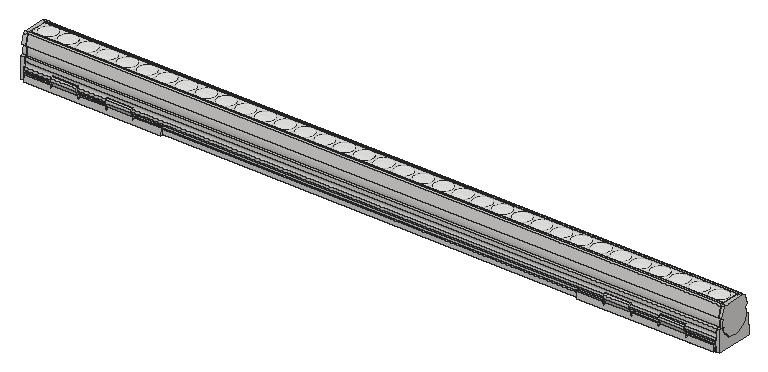
Revit family "Lighting - Luminii - Stenos - Directional Track Module - Array", category Lighting Fixtures, host Face, Revit 2020
Family settings
  Host = Face
  Round Connector Dimension = Use Diameter
  Part Type = Normal
  OmniClass Number = 23.80.70.11.14.21
  OmniClass Title = Spots and Tracklight Specialties
  Cut with Voids When Loaded = No
  Light Source = No
  Shared = Yes
  Room Calculation Point = No
Parameters (values of type "Stenos Directional Module - 12"")
  Width = 0.73047"  # constant formula
  Wattage Comments = if(Constraint = 1, "2.6 W", if(Constraint = 2, "5.4 W", "13.0 W"))  # "13.0 W"
  Warranty URL = "https://www.luminii.com/terms-conditions/"
  Voltage Comments = "120VAC - 277VAC"  # constant formula
  Voltage = 120 V
  Version = "2020 - v1.0a"  # constant formula
  URL = "https://www.luminii.com/"
  Support Phone = "224-699-9545"  # constant formula
  Support Email = "mailto:support@bimsmith.com"
  Product Page URL = "https://www.luminii.com/product/stenos-directional-track-module/"
  Product Name = "Stenos Directional Module"  # constant formula
  Product Documentation Link = "https://www.luminii.com/wp-content/uploads/z_special_catalog_products/products/stenos-directional-track-module/specsheets/Stenos-Directional-Module-specification.pdf"
  Power Source Type = "Driver"  # constant formula
  Power Factor = 1
  Phase = 1
  Operating Temperature = "Consult Manufacturer for more Information"  # constant formula
  Number of Poles = if(and(or(Voltage = 120 V, Voltage = 277 V), Phase = 1), 1, if(and(or(Voltage = 208 V, Voltage = 240 V), Phase = 1), 2, if(and(or(Voltage = 208 V, Voltage = 240 V), Phase = 3), 3, if(and(Voltage > 300 V, Phase = 1), 2, if(and(Voltage > 400 V, Phase = 3), 3, 1)))))  # 1
  Mounting Method = "Surface Mount"  # constant formula
  Model = "SMD-12"
  Manufacturer Phone Number = "224-333-6033"  # constant formula
  Manufacturer Email = "mailto:info@luminii.com"
  Manufacturer Address = "7777 N Merrimac Ave, Niles, IL 60714"  # constant formula
  Manufacturer = "Luminii"  # constant formula
  Lumen Output = if(Constraint = 1, "250 lm", if(Constraint = 2, "520 lm", "1260 lm"))  # "1260 lm"
  Load Classification = Lighting
  Lens Material = Plastic - Luminii - Frosted Lens
  Length Comments [instance] = "Perfomance based on 1\" Photometric Web File"  # constant formula
  Length [instance] = if(Constraint = 1, 2.50", if(Constraint = 2, 4.33984", 11.87109"))  # 11.87109"
  Lamp Life = 1
  Lamp = "LED"  # constant formula
  Keynote = "26 50 00"
  Instruction Sheet Link = "https://www.luminii.com/wp-content/uploads/z_special_catalog_products/products/stenos-directional-track-module/specsheets/Stenos-Directional-Module-specification.pdf"
  Initial Color Comments = "Perfomance based on 3500K Photometric Web File"  # constant formula
  Housing Protection Rating = "IP20 Dry/IP66 Wet Series"  # constant formula
  Has Dimming = 1 = 1  # yes
  Has Battery Backup = 0 = 1  # no
  Frequency Comments = ""  # constant formula
  Frequency = 60 Hz
  Finish = Metal - Luminii - Silver Anodized Aluminum
  Environment = "Indoor"  # constant formula
  Desired Tilt [instance] = 0.00°
  Description = "Track System"  # constant formula
  Depth = 0.71875"  # constant formula
  Default Elevation = 0.00"  # constant formula
  Current Amps = 50 A
  Copyright = "©2023 Luminii"  # constant formula
  built-in parameter 1114216 [instance] = 0  # (empty or 0)
  built-in parameter 1140040 [instance] = 1 = 1  # 1
  CCT = "3000K"
  C Tilt Angle Safe [instance] = if(Desired Tilt < -30.00°, 60.00°, if(Desired Tilt > 30.00°, 120.00°, 90.00° + Desired Tilt))  # 90.00°
  Constraint = 3
  C Tilt Angle [instance] = 90.00° + Actual Tilt  # 90.00°
  C Sin [instance] = 0.28906" - 0.28906" * sin(90.00° - Actual Tilt)  # 0.00"
  C Right Support = if(Constraint = 1, 1 = 0, 1 = 1)  # yes
  C LED Number [instance] = if(Constraint = 1, 7, if(Constraint = 2, 14, 28))  # 28
  C End Caps Width = 0.07031"  # constant formula
  C Cos [instance] = 0.28906" - 0.28906" * cos(90.00° - Actual Tilt)  # 0.28906"
  Assembly Code = "D5020230"
  Apparent Load = 2.6 VA
  Actual Tilt [instance] = if(Desired Tilt < -30.00°, -30.00°, if(Desired Tilt > 30.00°, 30.00°, Desired Tilt))  # 0.00°
Types (3): name | Wattage Comments | Model | Lumen Output | Length | Constraint | C Right Support | C LED Number
  Stenos Directional Module - 3" | "2.6 W" | "SMD-3" | "250 lm" | 2.50" | 1 | no | 7
  Stenos Directional Module - 5" | "5.4 W" | "SMD-5" | "520 lm" | 4.33984" | 2 | yes | 14
  Stenos Directional Module - 12" | "13.0 W" | "SMD-12" | "1260 lm" | 11.87109" | 3 | yes | 28
Reference planes (in)
  plane 1 "Center (Front/Back)": y = 0
  plane 2: z = 0
  plane 3 "Center (Left/Right)": x = 0
  plane 4: x = -5.93555
  plane 5: x = 5.93555
  plane 6: y = 0.36523
  plane 7: y = -0.36523
  plane 8: z = 0.72
  plane 9: x = -5.86523
  plane 10: x = 5.86523
  plane 11: x = 5.9257
  plane 12: x = -5.9257
  plane 13: z = 0.43079
  plane 14: y = -0.00014
  plane 15: z = 0.72
  plane 16: y = -0.28921
Forms (in)
  Extrusion 1, solid, material "Metal - Luminii - Silver Anodized Aluminum", not visible
    sketch origin (0, 0, 0) x (1, 0, 0) y (0, 1, 0)
      loop
        circle (0, 0) r 0.5
    from 0 to -0.17225
  Sweep 2, solid, material "Metal - Luminii - Silver Anodized Aluminum" <- "Finish"
    path origin (0, 0, 0) x (1, 0, 0) y (0, 1, 0)
      loop
        line (-5.86523, 0) -> (5.86523, 0)
    profile origin (0, 0, 0) x (0, 1, 0) y (0, 0, 1)
      loop
        line (0.30701, 0.04724) -> (0.30428, 0.12179) -> (0.2695, 0.12179) -> (0.2695, 0.16124) -> (0.3004, 0.20315) -> (0.3004, 0.24835)
        arc (0.3004, 0.24835) -> (0.2826, 0.28303) -> (0.29705, 0.31923) r 0.04706
        line (0.29705, 0.31923) -> (0.2944, 0.39173) -> (0.24646, 0.39173)
        arc (0.24646, 0.39173) -> (0, 0.18368) -> (-0.24646, 0.39173) r 0.25
        line (-0.24646, 0.39173) -> (-0.2944, 0.39173) -> (-0.29705, 0.31923)
        arc (-0.29705, 0.31923) -> (-0.2826, 0.28303) -> (-0.3004, 0.24835) r 0.04706
        line (-0.3004, 0.24835) -> (-0.3004, 0.20315) -> (-0.2695, 0.16124) -> (-0.2695, 0.12179) -> (-0.30428, 0.12179) -> (-0.30701, 0.04724) -> (0.30701, 0.04724)
  Sweep 3, solid, material "Metal - Luminii - Silver Anodized Aluminum" <- "Finish"
    path origin (0, 0, 0) x (1, 0, 0) y (0, 1, 0)
      loop
        line (-5.86523, 0) -> (-5.9257, 0)
    profile origin (-5.89547, 0, 0) x (0, -1, 0) y (0, 0, 1)
      loop
        line (0.2944, 0.39173) -> (0.24646, 0.39173)
        arc (0.24646, 0.39173) -> (0, 0.18368) -> (-0.24646, 0.39173) r 0.25
        line (-0.24646, 0.39173) -> (-0.2944, 0.39173) -> (-0.30701, 0.04724) -> (0.30701, 0.04724) -> (0.2944, 0.39173)
  Sweep 4, solid, material "Metal - Luminii - Silver Anodized Aluminum" <- "Finish"
    path origin (0, 0, 0) x (-1, 0, 0) y (0, 1, 0)
      loop
        line (-5.86523, 0) -> (-5.9257, 0)
    profile origin (5.89547, 0, 0) x (0, 1, 0) y (0, 0, 1)
      loop
        line (0.30701, 0.04724) -> (0.2944, 0.39173) -> (0.24646, 0.39173)
        arc (0.24646, 0.39173) -> (0, 0.18368) -> (-0.24646, 0.39173) r 0.25
        line (-0.24646, 0.39173) -> (-0.2944, 0.39173) -> (-0.30701, 0.04724) -> (0.30701, 0.04724)
Lines and regions (in)
  reference lines
    curve 1: line (-0.37509, 0, 0.43079) -> (-0.37509, 0.2361, 0.43079)
    curve 2: line (0, -0.00014, 0.72) -> (0, -1.22783, 0.72)
    curve 3: line (0, -0.00014, 0.72) -> (0, -0.00014, 0.85178)
Dimensions and locks (in)
  equal spacing: plane 4, plane 3 "Center (Left/Right)", plane 5
  equal spacing: plane 6, plane 1 "Center (Front/Back)", plane 7
  "Length": plane 4 to plane 5
  "Width": plane 6 to plane 7
  "C End Caps Width": plane 10 to plane 5
  "C End Caps Width": plane 4 to plane 9
  nested 1 to plane 5 = 0.08953"
  locked: plane 5 to plane 11 at 0.00984
  locked: plane 12 to plane 4 at 0.00984
  locked: plane 5 to nested 1 at 0.08953
  locked: nested 2 to plane 4 at 0.08953
  locked: plane 13 to host face at 0.43079
  "C Cos": plane 14 to plane 16
  "C Sin": plane 8 to plane 15
  Sweep 3 to Sweep 3 to host face = 0.34449" locked, 0.04724" locked
  locked: Sweep 2 to level at 0.04724  (x2)
  locked: Sweep 3 to level at 0.04724  (x2)
  locked: Sweep 4 to level at 0.04724  (x2)
  equal spacing: group 1, group 3, group 4, group 5, group 6, group 7, group 8, group 9, group 10, group 11, group 12, group 13, group 14, group 15, group 16, group 17, group 18, group 19, group 20, group 21, group 22, group 23, group 24, group 25, group 26, group 27, group 28, group 2  (x3)
  "C Tilt Angle Safe": angle curve 1 to plane 1 "Center (Front/Back)"
  "C Tilt Angle": angle curve 2 to plane 14
  locked: curve 2 to curve 3 (angle 90.00°)
  aligned and locked: plane 2 to host face
  aligned and locked: plane 3 "Center (Left/Right)" to Extrusion 1 sketch curve
  aligned and locked: plane 1 "Center (Front/Back)" to Extrusion 1 sketch curve
  aligned and locked: plane 2 to Extrusion 1  (x2)
  aligned and locked: plane 9 to Sweep 2 sketch curve
  aligned and locked: plane 1 "Center (Front/Back)" to Sweep 2 sketch curve
  aligned and locked: plane 10 to Sweep 2 sketch curve
  aligned and locked: Sweep 3 sketch curve to plane 1 "Center (Front/Back)"
  aligned and locked: plane 9 to Sweep 3 sketch curve
  aligned and locked: plane 10 to Sweep 4 sketch curve
  aligned and locked: plane 1 "Center (Front/Back)" to Sweep 4 sketch curve
  aligned and locked: nested 1 to plane 1 "Center (Front/Back)"
  aligned and locked: plane 12 to Sweep 3 sketch curve
  aligned and locked: plane 11 to Sweep 4 sketch curve
  aligned and locked: plane 13 to curve 1
  aligned and locked: plane 5 to nested 3
  aligned and locked: plane 14 to curve 2
  aligned and locked: plane 15 to curve 2
  aligned and locked: plane 4 to nested 4
  aligned and locked: Sweep 2 sketch curve to level
  aligned and locked: level to Sweep 3 sketch curve
  aligned and locked: Sweep 4 sketch curve to level
  aligned and locked: nested 4 to curve 3
  aligned and locked: nested 5 to plane 11
  aligned and locked: nested 5 to curve 3
Automatic sketch dimensions
  host sketch curve to host sketch curve = 96.00"  (x2)
  profile plane to Sweep 4 sketch curve = 0.2944"
  level to Sweep 4 sketch curve = 0.04724"
  profile plane to Sweep 4 sketch curve = 0.30701"
  Sweep 4 sketch curve to profile plane = 0.2944"
  Sweep 4 sketch curve to profile plane = 0.30701"
  Sweep 4 sketch curve to Sweep 4 sketch curve = 0.34449"
  Sweep 4 sketch curve to Sweep 4 sketch curve = 0.04794"  (x2)
  Sweep 4 sketch curve to profile plane = 0.00"
  Sweep 4 sketch curve to Sweep 4 sketch curve = 0.04195"
  Sweep 3 sketch curve to profile plane = 0.00"
  profile plane to Sweep 3 sketch curve = 0.24646"
  Sweep 3 sketch curve to Sweep 3 sketch curve = 0.04794"  (x2)
  level to Sweep 3 sketch curve = 0.04724"
  profile plane to Sweep 3 sketch curve = 0.30701"
  Sweep 3 sketch curve to profile plane = 0.24646"
  Sweep 3 sketch curve to profile plane = 0.30701"
  Sweep 3 sketch curve to Sweep 3 sketch curve = 0.34449"
  Sweep 3 sketch curve to Sweep 3 sketch curve = 0.04195"
  Sweep 2 sketch curve to profile plane = 0.00"
  profile plane to Sweep 2 sketch curve = 0.24646"
  Sweep 2 sketch curve to Sweep 2 sketch curve = 0.02304"
  Sweep 2 sketch curve to Sweep 2 sketch curve = 0.04794"  (x2)
  Sweep 2 sketch curve to Sweep 2 sketch curve = 0.00265"  (x2)
  Sweep 2 sketch curve to Sweep 2 sketch curve = 0.0309"  (x2)
  Sweep 2 sketch curve to Sweep 2 sketch curve = 0.03478"  (x2)
  level to Sweep 2 sketch curve = 0.04724"
  Sweep 2 sketch curve to Sweep 2 sketch curve = 0.00273"  (x2)
  Sweep 2 sketch curve to Sweep 2 sketch curve = 0.0292"
  Sweep 2 sketch curve to profile plane = 0.24646"
  level to Sweep 2 sketch curve = 0.12179"
  Sweep 2 sketch curve to profile plane = 0.2695"
  Sweep 2 sketch curve to Sweep 2 sketch curve = 0.03255"
  Sweep 2 sketch curve to Sweep 2 sketch curve = 0.07454"
  Sweep 2 sketch curve to Sweep 2 sketch curve = 0.03946"  (x2)
  Sweep 2 sketch curve to Sweep 2 sketch curve = 0.04191"  (x2)
  Sweep 2 sketch curve to Sweep 2 sketch curve = 0.0452"  (x2)
  Sweep 2 sketch curve to Sweep 2 sketch curve = 0.0369"  (x2)
  Sweep 2 sketch curve to Sweep 2 sketch curve = 0.0725"
  Sweep 2 sketch curve to Sweep 2 sketch curve = 0.04195"
  curve 1 to plane 1 "Center (Front/Back)" = 0.00"
  radius of Extrusion 1 sketch curve = 0.50"
Nested families (in)
  nested 1: "Nested - Clip" at (3.52318, 0, 0) x (0, -1, 0) z (0, 0, 1), visible <- "C Right Support", type "Default"
  nested 2: "Nested - Clip" at (-3.52318, 0, 0) x (0, -1, 0) z (0, 0, 1), type "Default"
  nested 3: "Nested - Lamp" at (-5.93555, 0, 0.43079) x (0, -1, 0) z (0, 0, -1), type "Default"
  nested 4: "Lighting - Luminii - Stenos - Directional Track Module - Nested Light Source" at (-5.78711, -0.00014, 0.72), type "Default"
    with Length Comments "Perfomance based on 1\" Photometric Web File", Length 0.29688", built-in parameter 1114216 (empty or 0), built-in parameter 1140040 1, C Tilt Angle Safe 90.00°, C Sin 0.00", C Cos 0.28906"
  nested 5: "Lighting - Luminii - Stenos - Directional Track Module - Nested Light Source" at (5.77727, -0.00014, 0.72), type "Default"
    with Length Comments "Perfomance based on 1\" Photometric Web File", Length 0.29688", built-in parameter 1114216 (empty or 0), built-in parameter 1140040 1, C Tilt Angle Safe 90.00°, C Sin 0.00", C Cos 0.28906"
  nested 6: "Lighting - Luminii - Stenos - Directional Track Module - Nested Light Source" at (-5.3588, -0.00014, 0.72), type "Default"
    with Length Comments "Perfomance based on 1\" Photometric Web File", Length 0.29688", built-in parameter 1114216 (empty or 0), built-in parameter 1140040 1, C Tilt Angle Safe 90.00°, C Sin 0.00", C Cos 0.28906"
  nested 7: "Lighting - Luminii - Stenos - Directional Track Module - Nested Light Source" at (-4.93049, -0.00014, 0.72), type "Default"
    with Length Comments "Perfomance based on 1\" Photometric Web File", Length 0.29688", built-in parameter 1114216 (empty or 0), built-in parameter 1140040 1, C Tilt Angle Safe 90.00°, C Sin 0.00", C Cos 0.28906"
  nested 8: "Lighting - Luminii - Stenos - Directional Track Module - Nested Light Source" at (-4.50218, -0.00014, 0.72), type "Default"
    with Length Comments "Perfomance based on 1\" Photometric Web File", Length 0.29688", built-in parameter 1114216 (empty or 0), built-in parameter 1140040 1, C Tilt Angle Safe 90.00°, C Sin 0.00", C Cos 0.28906"
  nested 9: "Lighting - Luminii - Stenos - Directional Track Module - Nested Light Source" at (-4.07387, -0.00014, 0.72), type "Default"
    with Length Comments "Perfomance based on 1\" Photometric Web File", Length 0.29688", built-in parameter 1114216 (empty or 0), built-in parameter 1140040 1, C Tilt Angle Safe 90.00°, C Sin 0.00", C Cos 0.28906"
  nested 10: "Lighting - Luminii - Stenos - Directional Track Module - Nested Light Source" at (-3.64556, -0.00014, 0.72), type "Default"
    with Length Comments "Perfomance based on 1\" Photometric Web File", Length 0.29688", built-in parameter 1114216 (empty or 0), built-in parameter 1140040 1, C Tilt Angle Safe 90.00°, C Sin 0.00", C Cos 0.28906"
  nested 11: "Lighting - Luminii - Stenos - Directional Track Module - Nested Light Source" at (-3.21725, -0.00014, 0.72), type "Default"
    with Length Comments "Perfomance based on 1\" Photometric Web File", Length 0.29688", built-in parameter 1114216 (empty or 0), built-in parameter 1140040 1, C Tilt Angle Safe 90.00°, C Sin 0.00", C Cos 0.28906"
  nested 12: "Lighting - Luminii - Stenos - Directional Track Module - Nested Light Source" at (-2.78894, -0.00014, 0.72), type "Default"
    with Length Comments "Perfomance based on 1\" Photometric Web File", Length 0.29688", built-in parameter 1114216 (empty or 0), built-in parameter 1140040 1, C Tilt Angle Safe 90.00°, C Sin 0.00", C Cos 0.28906"
  nested 13: "Lighting - Luminii - Stenos - Directional Track Module - Nested Light Source" at (-2.36063, -0.00014, 0.72), type "Default"
    with Length Comments "Perfomance based on 1\" Photometric Web File", Length 0.29688", built-in parameter 1114216 (empty or 0), built-in parameter 1140040 1, C Tilt Angle Safe 90.00°, C Sin 0.00", C Cos 0.28906"
  nested 14: "Lighting - Luminii - Stenos - Directional Track Module - Nested Light Source" at (-1.93232, -0.00014, 0.72), type "Default"
    with Length Comments "Perfomance based on 1\" Photometric Web File", Length 0.29688", built-in parameter 1114216 (empty or 0), built-in parameter 1140040 1, C Tilt Angle Safe 90.00°, C Sin 0.00", C Cos 0.28906"
  nested 15: "Lighting - Luminii - Stenos - Directional Track Module - Nested Light Source" at (-1.50401, -0.00014, 0.72), type "Default"
    with Length Comments "Perfomance based on 1\" Photometric Web File", Length 0.29688", built-in parameter 1114216 (empty or 0), built-in parameter 1140040 1, C Tilt Angle Safe 90.00°, C Sin 0.00", C Cos 0.28906"
  nested 16: "Lighting - Luminii - Stenos - Directional Track Module - Nested Light Source" at (-1.0757, -0.00014, 0.72), type "Default"
    with Length Comments "Perfomance based on 1\" Photometric Web File", Length 0.29688", built-in parameter 1114216 (empty or 0), built-in parameter 1140040 1, C Tilt Angle Safe 90.00°, C Sin 0.00", C Cos 0.28906"
  nested 17: "Lighting - Luminii - Stenos - Directional Track Module - Nested Light Source" at (-0.64739, -0.00014, 0.72), type "Default"
    with Length Comments "Perfomance based on 1\" Photometric Web File", Length 0.29688", built-in parameter 1114216 (empty or 0), built-in parameter 1140040 1, C Tilt Angle Safe 90.00°, C Sin 0.00", C Cos 0.28906"
  nested 18: "Lighting - Luminii - Stenos - Directional Track Module - Nested Light Source" at (-0.21908, -0.00014, 0.72), type "Default"
    with Length Comments "Perfomance based on 1\" Photometric Web File", Length 0.29688", built-in parameter 1114216 (empty or 0), built-in parameter 1140040 1, C Tilt Angle Safe 90.00°, C Sin 0.00", C Cos 0.28906"
  nested 19: "Lighting - Luminii - Stenos - Directional Track Module - Nested Light Source" at (0.20923, -0.00014, 0.72), type "Default"
    with Length Comments "Perfomance based on 1\" Photometric Web File", Length 0.29688", built-in parameter 1114216 (empty or 0), built-in parameter 1140040 1, C Tilt Angle Safe 90.00°, C Sin 0.00", C Cos 0.28906"
  nested 20: "Lighting - Luminii - Stenos - Directional Track Module - Nested Light Source" at (0.63754, -0.00014, 0.72), type "Default"
    with Length Comments "Perfomance based on 1\" Photometric Web File", Length 0.29688", built-in parameter 1114216 (empty or 0), built-in parameter 1140040 1, C Tilt Angle Safe 90.00°, C Sin 0.00", C Cos 0.28906"
  nested 21: "Lighting - Luminii - Stenos - Directional Track Module - Nested Light Source" at (1.06585, -0.00014, 0.72), type "Default"
    with Length Comments "Perfomance based on 1\" Photometric Web File", Length 0.29688", built-in parameter 1114216 (empty or 0), built-in parameter 1140040 1, C Tilt Angle Safe 90.00°, C Sin 0.00", C Cos 0.28906"
  nested 22: "Lighting - Luminii - Stenos - Directional Track Module - Nested Light Source" at (1.49416, -0.00014, 0.72), type "Default"
    with Length Comments "Perfomance based on 1\" Photometric Web File", Length 0.29688", built-in parameter 1114216 (empty or 0), built-in parameter 1140040 1, C Tilt Angle Safe 90.00°, C Sin 0.00", C Cos 0.28906"
  nested 23: "Lighting - Luminii - Stenos - Directional Track Module - Nested Light Source" at (1.92247, -0.00014, 0.72), type "Default"
    with Length Comments "Perfomance based on 1\" Photometric Web File", Length 0.29688", built-in parameter 1114216 (empty or 0), built-in parameter 1140040 1, C Tilt Angle Safe 90.00°, C Sin 0.00", C Cos 0.28906"
  nested 24: "Lighting - Luminii - Stenos - Directional Track Module - Nested Light Source" at (2.35079, -0.00014, 0.72), type "Default"
    with Length Comments "Perfomance based on 1\" Photometric Web File", Length 0.29688", built-in parameter 1114216 (empty or 0), built-in parameter 1140040 1, C Tilt Angle Safe 90.00°, C Sin 0.00", C Cos 0.28906"
  nested 25: "Lighting - Luminii - Stenos - Directional Track Module - Nested Light Source" at (2.7791, -0.00014, 0.72), type "Default"
    with Length Comments "Perfomance based on 1\" Photometric Web File", Length 0.29688", built-in parameter 1114216 (empty or 0), built-in parameter 1140040 1, C Tilt Angle Safe 90.00°, C Sin 0.00", C Cos 0.28906"
  nested 26: "Lighting - Luminii - Stenos - Directional Track Module - Nested Light Source" at (3.20741, -0.00014, 0.72), type "Default"
    with Length Comments "Perfomance based on 1\" Photometric Web File", Length 0.29688", built-in parameter 1114216 (empty or 0), built-in parameter 1140040 1, C Tilt Angle Safe 90.00°, C Sin 0.00", C Cos 0.28906"
  nested 27: "Lighting - Luminii - Stenos - Directional Track Module - Nested Light Source" at (3.63572, -0.00014, 0.72), type "Default"
    with Length Comments "Perfomance based on 1\" Photometric Web File", Length 0.29688", built-in parameter 1114216 (empty or 0), built-in parameter 1140040 1, C Tilt Angle Safe 90.00°, C Sin 0.00", C Cos 0.28906"
  nested 28: "Lighting - Luminii - Stenos - Directional Track Module - Nested Light Source" at (4.06403, -0.00014, 0.72), type "Default"
    with Length Comments "Perfomance based on 1\" Photometric Web File", Length 0.29688", built-in parameter 1114216 (empty or 0), built-in parameter 1140040 1, C Tilt Angle Safe 90.00°, C Sin 0.00", C Cos 0.28906"
  nested 29: "Lighting - Luminii - Stenos - Directional Track Module - Nested Light Source" at (4.49234, -0.00014, 0.72), type "Default"
    with Length Comments "Perfomance based on 1\" Photometric Web File", Length 0.29688", built-in parameter 1114216 (empty or 0), built-in parameter 1140040 1, C Tilt Angle Safe 90.00°, C Sin 0.00", C Cos 0.28906"
  nested 30: "Lighting - Luminii - Stenos - Directional Track Module - Nested Light Source" at (4.92065, -0.00014, 0.72), type "Default"
    with Length Comments "Perfomance based on 1\" Photometric Web File", Length 0.29688", built-in parameter 1114216 (empty or 0), built-in parameter 1140040 1, C Tilt Angle Safe 90.00°, C Sin 0.00", C Cos 0.28906"
  nested 31: "Lighting - Luminii - Stenos - Directional Track Module - Nested Light Source" at (5.34896, -0.00014, 0.72), type "Default"
    with Length Comments "Perfomance based on 1\" Photometric Web File", Length 0.29688", built-in parameter 1114216 (empty or 0), built-in parameter 1140040 1, C Tilt Angle Safe 90.00°, C Sin 0.00", C Cos 0.28906"
Connectors (in)
  electrical at (0, 0, 0), driven by "Number of Poles", driven by "Load Classification", driven by "Voltage", driven by "Apparent Load", driven by "Power Factor"
    settings: on Extrusion 1, index 1, voltage 120 V, apparent load 2.6 VA, apparent load phase1 0 VA, apparent load phase2 0 VA, apparent load phase3 0 VA, power factor 1, load classification "Lighting", number of poles 1, system type 30, power factor state 1, is connector primary yes, connector utility no, sub classification motor no, connector description "Power Connection"
Definition of nested family "Nested - Clip"
  Parameters
    Finish = none
    Default Elevation = 0.00"
  Reference planes (in)
    plane 1 "Center (Front/Back)": y = 0
    plane 2: z = 0
    plane 3 "Center (Left/Right)": x = 0
  Forms (in)
    Extrusion 1, void
      sketch origin (0, 0, 0) x (0, 1, 0) y (0, 0, 1)
        loop
          line (0, 0.0374) -> (0, 0.16908) -> (-0.44488, 0.16908) -> (-0.44488, 0.12355)
          arc (-0.44488, 0.12355) -> (-0.46457, 0.10387) -> (-0.48425, 0.12355) r 0.01969
          line (-0.48425, 0.12355) -> (-0.48425, 0.28999) -> (-0.90945, 0.28999) -> (-0.90945, 0.12355)
          arc (-0.90945, 0.12355) -> (-0.92913, 0.10387) -> (-0.94882, 0.12355) r 0.01969
          line (-0.94882, 0.12355) -> (-0.94882, 0.16908) -> (-1.37402, 0.16908) -> (-1.37402, 0.12355)
          arc (-1.37402, 0.12355) -> (-1.3937, 0.10387) -> (-1.41339, 0.12355) r 0.01969
          line (-1.41339, 0.12355) -> (-1.41339, 0.28999) -> (-1.83858, 0.28999) -> (-1.83858, 0.12355)
          arc (-1.83858, 0.12355) -> (-1.85827, 0.10387) -> (-1.87795, 0.12355) r 0.01969
          line (-1.87795, 0.12355) -> (-1.87795, 0.16908) -> (-2.32283, 0.16908) -> (-2.32283, 0.0374) -> (0, 0.0374)
        loop
          line (0.17766, 0.5916) -> (-2.4694, 0.5916) -> (-2.4694, -0.1584) -> (0.17766, -0.1584) -> (0.17766, 0.5916)
      from -0.94477 to 0.67551
    Extrusion 2, solid, material <- "Finish"
      sketch origin (0, 0, 0) x (1, 0, 0) y (0, 0, 1)
        loop
          line (-0.30328, 0.30445) -> (-0.33166, 0.28999) -> (-0.355, 0.26665)
          arc (-0.355, 0.26665) -> (-0.36382, 0.24389) -> (-0.36167, 0.21958) r 0.05378
          line (-0.36167, 0.21958) -> (-0.31806, 0.14404) -> (-0.32552, 0.0374) -> (0.32552, 0.0374) -> (0.31806, 0.14404) -> (0.36167, 0.21958)
          arc (0.36167, 0.21958) -> (0.36382, 0.24389) -> (0.355, 0.26665) r 0.05378
          line (0.355, 0.26665) -> (0.33166, 0.28999) -> (0.30328, 0.30445) -> (0.34804, 0.2597)
          arc (0.34804, 0.2597) -> (0.35449, 0.2387) -> (0.34906, 0.21741) r 0.04062
          line (0.34906, 0.21741) -> (0.30803, 0.14636) -> (0.31496, 0.04724) -> (-0.31496, 0.04724) -> (-0.30803, 0.14636) -> (-0.34906, 0.21741)
          arc (-0.34906, 0.21741) -> (-0.35449, 0.2387) -> (-0.34804, 0.2597) r 0.04062
          line (-0.34804, 0.2597) -> (-0.30328, 0.30445)
      from 0 to 2.32283
    Extrusion 3, solid, material <- "Finish"
      sketch origin (-0.31945, 0, 0.0374) x (0, -1, 0) y (-1, 0, 0)
        loop
          line (1.90977, -0.54614) -> (1.90977, -0.09275) -> (1.73196, -0.09275) -> (1.73196, -0.54614) -> (1.90977, -0.54614)
      from 0 to 0.0374
    Extrusion 4, solid, material <- "Finish"
      sketch origin (-0.31945, 0, 0.0374) x (0, -1, 0) y (-1, 0, 0)
        loop
          circle (1.82087, -0.31945) r 0.03176
        loop
          circle (1.82087, -0.46648) r 0.03176
      from 0.10161 to 0.0374
  Cuts and joins
    Extrusion 1 cuts Extrusion 2
  Dimensions and locks (in)
    aligned and locked: plane 2 to level
Definition of nested family "Nested - Lamp"
  Parameters (values of type "Default")
    Number of Lenses = if(Constraint = 1, 7, if(Constraint = 2, 14, 35))  # 35
    Length = if(Constraint = 1, 2.50", if(Constraint = 2, 4.33984", 11.87109"))  # 11.87109"
    Finish = none
    Default Elevation = 48.00"
    Cover Material = none
    Constraint = 3
    Bulb Material = none
  Reference planes (in)
    plane 1 "Center (Front/Back)": y = 0
    plane 2: z = 0
    plane 3 "Center (Left/Right)": x = 0
    plane 4: y = -11.87109
    plane 5: y = -0.24787
    plane 6: y = -11.62323
    plane 7 "A": z = -0.27828
    plane 8: y = -11.81109
    plane 9: y = -0.06
  Forms (in)
    Extrusion 1, solid
      sketch origin (0, 0, 0) x (1, 0, 0) y (0, 1, 0)
        loop
          line (-48, 48) -> (-48, -48) -> (48, -48) -> (48, 48) -> (-48, 48)
      from 0 to -12
    Extrusion 2, solid, material <- "Finish"
      sketch origin (0, 0, 0) x (1, 0, 0) y (0, 0, 1)
        loop
          arc (0.22191, -0.08911) -> (0, 0.23913) -> (-0.22191, -0.08911) r 0.23913
          line (-0.22191, -0.08911) -> (-0.2612, -0.11561) -> (-0.21237, -0.2695)
          arc (-0.21237, -0.2695) -> (-0.20307, -0.28246) -> (-0.1879, -0.28741) r 0.02567
          line (-0.1879, -0.28741) -> (-0.15716, -0.28741) -> (-0.15716, -0.18024) -> (0, -0.18024) -> (0.15716, -0.18024) -> (0.15716, -0.28741) -> (0.1879, -0.28741)
          arc (0.1879, -0.28741) -> (0.20307, -0.28246) -> (0.21237, -0.2695) r 0.02567
          line (0.21237, -0.2695) -> (0.2612, -0.11561) -> (0.22191, -0.08911)
      from 0.06 to 11.81109
    Extrusion 3, solid, material <- "Cover Material"
      sketch origin (0, 0, 0) x (1, 0, 0) y (0, 1, 0)
        loop
          line (-0.15716, -0.06) -> (-0.15716, -11.81109) -> (0.15716, -11.81109) -> (0.15716, -0.06) -> (-0.15716, -0.06)
      from -0.27828 to -0.28546
    Extrusion 4, solid, material <- "Finish"
      sketch origin (0, -4.88378, 0) x (1, 0, 0) y (0, 0, -1)
        loop
          line (0.22191, 0.08911) -> (0.2612, 0.11561) -> (0.21237, 0.2695)
          arc (0.21237, 0.2695) -> (0.20307, 0.28246) -> (0.1879, 0.28741) r 0.02567
          line (0.1879, 0.28741) -> (-0.1879, 0.28741)
          arc (-0.1879, 0.28741) -> (-0.20307, 0.28246) -> (-0.21237, 0.2695) r 0.02567
          line (-0.21237, 0.2695) -> (-0.2612, 0.11561) -> (-0.22191, 0.08911)
          arc (-0.22191, 0.08911) -> (0, -0.23913) -> (0.22191, 0.08911) r 0.23913
      from -6.98731 to -6.92731
    Extrusion 5, solid, material <- "Finish"
      sketch origin (0, -2.44189, 0) x (1, 0, 0) y (0, 0, -1)
        loop
          line (0.22191, 0.08911) -> (0.2612, 0.11561) -> (0.21237, 0.2695)
          arc (0.21237, 0.2695) -> (0.20307, 0.28246) -> (0.1879, 0.28741) r 0.02567
          line (0.1879, 0.28741) -> (-0.1879, 0.28741)
          arc (-0.1879, 0.28741) -> (-0.20307, 0.28246) -> (-0.21237, 0.2695) r 0.02567
          line (-0.21237, 0.2695) -> (-0.2612, 0.11561) -> (-0.22191, 0.08911)
          arc (-0.22191, 0.08911) -> (0, -0.23913) -> (0.22191, 0.08911) r 0.23913
      from 2.38189 to 2.44189
  Dimensions and locks (in)
    equal spacing: group 1, group 3, group 4, group 5, group 6, group 7, group 8, group 9, group 10, group 11, group 12, group 13, group 14, group 15, group 16, group 17, group 18, group 19, group 20, group 21, group 22, group 23, group 24, group 25, group 26, group 27, group 28, group 29, group 30, group 31, group 32, group 33, group 34, group 35, group 2  (x2)
    equal spacing: group 2, group 35, group 34, group 33, group 32, group 31, group 30, group 29, group 28, group 27, group 26, group 25, group 24, group 23, group 22, group 21, group 20, group 19, group 18, group 17, group 16, group 15, group 14, group 13, group 12, group 11, group 10, group 9, group 8, group 7, group 6, group 5, group 4, group 3, group 1
    plane 6 to plane 8 to plane 4 = 0.18787" locked, 0.06" locked
    plane 5 to plane 9 to plane 1 "Center (Front/Back)" = 0.18787" locked, 0.06" locked
    "Length": plane 4 to plane 1 "Center (Front/Back)"
    aligned and locked: plane 2 to Extrusion 1
    aligned and locked: level to Extrusion 1
    aligned and locked: nested 1 to plane 5
    aligned and locked: plane 3 "Center (Left/Right)" to nested 1
    aligned and locked: plane 6 to nested 2
    aligned and locked: plane 9 to Extrusion 3
    aligned and locked: Extrusion 3 to plane 8
    aligned and locked: Extrusion 2 to Extrusion 3  (x2)
    aligned and locked: Extrusion 4 to plane 4
    aligned and locked: Extrusion 4 to Extrusion 2
    aligned and locked: Extrusion 5 to plane 1 "Center (Front/Back)"
    aligned and locked: Extrusion 5 to Extrusion 2
  Automatic sketch dimensions
    Extrusion 1 sketch curve to Extrusion 1 sketch curve = 96.00"  (x2)
    Extrusion 2 sketch curve to plane 3 "Center (Left/Right)" = 0.00"  (x2)
    Extrusion 2 sketch curve to level = 0.00"
    Extrusion 2 sketch curve to plane 7 "A" = 0.00913"  (x2)
    Extrusion 2 sketch curve to plane 3 "Center (Left/Right)" = 0.15716"
    plane 7 "A" to Extrusion 2 sketch curve = 0.01654"
    Extrusion 2 sketch curve to Extrusion 2 sketch curve = 0.03074"  (x2)
    plane 7 "A" to Extrusion 2 sketch curve = 0.00877"  (x2)
    Extrusion 2 sketch curve to level = 0.11561"  (x2)
    Extrusion 2 sketch curve to Extrusion 2 sketch curve = 0.10403"
    plane 3 "Center (Left/Right)" to Extrusion 2 sketch curve = 0.15716"
    Extrusion 2 sketch curve to Extrusion 2 sketch curve = 0.02447"
    Extrusion 2 sketch curve to level = 0.08911"  (x2)
    Extrusion 2 sketch curve to Extrusion 2 sketch curve = 0.06475"
    Extrusion 2 sketch curve to Extrusion 2 sketch curve = 0.03928"
    plane 7 "A" to Extrusion 2 sketch curve = 0.09804"
    Extrusion 2 sketch curve to Extrusion 2 sketch curve = 0.00"  (x2)
    Extrusion 3 sketch curve to plane 9 = 0.00"
    Extrusion 3 sketch curve to plane 8 = 0.00"
    Extrusion 3 sketch curve to plane 3 "Center (Left/Right)" = 0.15716"
    plane 3 "Center (Left/Right)" to Extrusion 3 sketch curve = 0.15716"
    Extrusion 4 sketch curve to level = 0.00"
    Extrusion 4 sketch curve to plane 3 "Center (Left/Right)" = 0.00"
    Extrusion 4 sketch curve to plane 7 "A" = 0.00913"
    Extrusion 4 sketch curve to plane 3 "Center (Left/Right)" = 0.1879"
    plane 7 "A" to Extrusion 4 sketch curve = 0.00877"  (x2)
    Extrusion 4 sketch curve to Extrusion 4 sketch curve = 0.02447"  (x2)
    Extrusion 4 sketch curve to level = 0.11561"  (x2)
    Extrusion 4 sketch curve to Extrusion 4 sketch curve = 0.04882"
    plane 3 "Center (Left/Right)" to Extrusion 4 sketch curve = 0.1879"
    Extrusion 4 sketch curve to level = 0.08911"  (x2)
    Extrusion 4 sketch curve to Extrusion 4 sketch curve = 0.03401"
    Extrusion 4 sketch curve to Extrusion 4 sketch curve = 0.03928"
    Extrusion 4 sketch curve to Extrusion 4 sketch curve = 0.00"
    Extrusion 5 sketch curve to level = 0.00"
    Extrusion 5 sketch curve to plane 3 "Center (Left/Right)" = 0.00"
    Extrusion 5 sketch curve to plane 7 "A" = 0.00913"
    Extrusion 5 sketch curve to plane 3 "Center (Left/Right)" = 0.1879"
    plane 7 "A" to Extrusion 5 sketch curve = 0.00877"  (x2)
    Extrusion 5 sketch curve to Extrusion 5 sketch curve = 0.02447"  (x2)
    Extrusion 5 sketch curve to level = 0.11561"  (x2)
    Extrusion 5 sketch curve to Extrusion 5 sketch curve = 0.04882"
    plane 3 "Center (Left/Right)" to Extrusion 5 sketch curve = 0.1879"
    Extrusion 5 sketch curve to level = 0.08911"  (x2)
    Extrusion 5 sketch curve to Extrusion 5 sketch curve = 0.03401"
    Extrusion 5 sketch curve to Extrusion 5 sketch curve = 0.03928"
    Extrusion 5 sketch curve to Extrusion 5 sketch curve = 0.00"
  Nested families (in)
    nested 1: "Family2" at (0, -0.24787, -0.27828), type "Family2"
    nested 2: "Family2" at (0, -11.62323, -0.27828), type "Family2"
    nested 3: "Family2" at (0, -0.58244, -0.27828), type "Family2"
    nested 4: "Family2" at (0, -0.91701, -0.27828), type "Family2"
    nested 5: "Family2" at (0, -1.25158, -0.27828), type "Family2"
    nested 6: "Family2" at (0, -1.58615, -0.27828), type "Family2"
    nested 7: "Family2" at (0, -1.92071, -0.27828), type "Family2"
    nested 8: "Family2" at (0, -2.25528, -0.27828), type "Family2"
    nested 9: "Family2" at (0, -2.58985, -0.27828), type "Family2"
    nested 10: "Family2" at (0, -2.92442, -0.27828), type "Family2"
    nested 11: "Family2" at (0, -3.25899, -0.27828), type "Family2"
    nested 12: "Family2" at (0, -3.59356, -0.27828), type "Family2"
    nested 13: "Family2" at (0, -3.92813, -0.27828), type "Family2"
    nested 14: "Family2" at (0, -4.2627, -0.27828), type "Family2"
    nested 15: "Family2" at (0, -4.59727, -0.27828), type "Family2"
    nested 16: "Family2" at (0, -4.93184, -0.27828), type "Family2"
    nested 17: "Family2" at (0, -5.26641, -0.27828), type "Family2"
    nested 18: "Family2" at (0, -5.60098, -0.27828), type "Family2"
    nested 19: "Family2" at (0, -5.93555, -0.27828), type "Family2"
    nested 20: "Family2" at (0, -6.27012, -0.27828), type "Family2"
    nested 21: "Family2" at (0, -6.60469, -0.27828), type "Family2"
    nested 22: "Family2" at (0, -6.93925, -0.27828), type "Family2"
    nested 23: "Family2" at (0, -7.27382, -0.27828), type "Family2"
    nested 24: "Family2" at (0, -7.60839, -0.27828), type "Family2"
    nested 25: "Family2" at (0, -7.94296, -0.27828), type "Family2"
    nested 26: "Family2" at (0, -8.27753, -0.27828), type "Family2"
    nested 27: "Family2" at (0, -8.6121, -0.27828), type "Family2"
    nested 28: "Family2" at (0, -8.94667, -0.27828), type "Family2"
    nested 29: "Family2" at (0, -9.28124, -0.27828), type "Family2"
    nested 30: "Family2" at (0, -9.61581, -0.27828), type "Family2"
    nested 31: "Family2" at (0, -9.95038, -0.27828), type "Family2"
    nested 32: "Family2" at (0, -10.28495, -0.27828), type "Family2"
    nested 33: "Family2" at (0, -10.61952, -0.27828), type "Family2"
    nested 34: "Family2" at (0, -10.95409, -0.27828), type "Family2"
    nested 35: "Family2" at (0, -11.28866, -0.27828), type "Family2"
  Definition of nested family "Family2"
    Parameters
      Material = none
      Default Elevation = 48.00"
    Reference planes (in)
      plane 1 "Center (Front/Back)": y = 0
      plane 2: z = 0
      plane 3 "Center (Left/Right)": x = 0
    Forms (in)
      Extrusion 1, solid, material <- "Material"
        sketch origin (0, 0.24787, 0) x (1, 0, 0) y (0, 1, 0)
          loop
            circle (0, -0.24787) r 0.14756
        from 0 to 0.05078
    Dimensions and locks (in)
      aligned and locked: plane 2 to level
Definition of nested family "Lighting - Luminii - Stenos - Directional Track Module - Nested Light Source"
  Parameters (values of type "Default")
    Width = 0.73"  # constant formula
    Wattage Comments = if(Constraint = 1, "2.6 W", if(Constraint = 2, "5.4 W", "13.0 W"))  # "2.6 W"
    Wattage = 2.6 W
    Warranty URL = "https://www.luminii.com/terms-conditions/"
    built-in parameter 1150110 = 1 (stored number, unit not read)
    Voltage Comments = "120VAC - 277VAC"  # constant formula
    Voltage = 120 V
    Version = "2020 - v1.0a"  # constant formula
    URL = "https://www.luminii.com/"
    built-in parameter 1114217 = 1 (stored number, unit not read)
    Tilt Angle = -90.00°  # constant formula
    built-in parameter 1150109 = 1 (stored number, unit not read)
    built-in parameter 1150134 = (empty or 0)
    built-in parameter 1150113 = 1 (stored number, unit not read)
    Support Phone = "224-699-9545"  # constant formula
    Support Email = "mailto:support@bimsmith.com"
    Product Page URL = "https://www.luminii.com/product/stenos-directional-track-module/"
    Product Name = "Stenos Directional Module"  # constant formula
    Product Documentation Link = "https://www.luminii.com/wp-content/uploads/z_special_catalog_products/products/stenos-directional-track-module/specsheets/Stenos-Directional-Module-specification.pdf"
    Power Source Type = "Driver"  # constant formula
    Power Factor = 1
    Photometric Web File = "SD-3-30K-SO-15-WH.IES"
    Phase = 1
    Operating Temperature = "Consult Manufacturer for more Information"  # constant formula
    Number of Poles = if(and(or(Voltage = 120 V, Voltage = 277 V), Phase = 1), 1, if(and(or(Voltage = 208 V, Voltage = 240 V), Phase = 1), 2, if(and(or(Voltage = 208 V, Voltage = 240 V), Phase = 3), 3, if(and(Voltage > 300 V, Phase = 1), 2, if(and(Voltage > 400 V, Phase = 3), 3, 1)))))  # 1
    Mounting Method = "Surface Mount"  # constant formula
    Model = "SMD-3"
    Manufacturer Phone Number = "224-333-6033"  # constant formula
    Manufacturer Email = "mailto:info@luminii.com"
    Manufacturer Address = "7777 N Merrimac Ave, Niles, IL 60714"  # constant formula
    Manufacturer = "Luminii"  # constant formula
    built-in parameter 1150105 = 19.863 (stored number, unit not read)
    Lumens = 249.6 lm
    built-in parameter 1150115 = 1 (stored number, unit not read)
    Lumen Output = if(Constraint = 1, "250 lm", if(Constraint = 2, "520 lm", "1260 lm"))  # "250 lm"
    Load Classification = none
    built-in parameter 1150137 = (empty or 0)
    built-in parameter 1150139 = (empty or 0)
    Lens Material = none
    Length Comments [instance] = "Perfomance based on 1\" Photometric Web File"  # constant formula
    Length [instance] = 0.29688"  # constant formula
    built-in parameter 1150112 = 1 (stored number, unit not read)
    built-in parameter 1150114 = 1 (stored number, unit not read)
    Lamp Life = 1
    Lamp = "LED"  # constant formula
    Keynote = "26 50 00"
    Instruction Sheet Link = "https://www.luminii.com/wp-content/uploads/z_special_catalog_products/products/stenos-directional-track-module/specsheets/Stenos-Directional-Module-specification.pdf"
    built-in parameter 1150132 = (empty or 0)
    built-in parameter 1150102 = (empty or 0)
    built-in parameter 1150107 = 3000 (stored number, unit not read)
    Initial Color Comments = "Perfomance based on 3500K Photometric Web File"  # constant formula
    built-in parameter 1150138 = (empty or 0)
    built-in parameter 1150106 = 0.19863 (stored number, unit not read)
    Housing Protection Rating = "IP20 Dry/IP66 Wet Series"  # constant formula
    Has Dimming = 1 = 1  # yes
    Has Battery Backup = 0 = 1  # no
    Frequency Comments = ""  # constant formula
    Frequency = 60 Hz
    Finish = none
    Environment = "Indoor"  # constant formula
    Emit from Rectangle Width = 0.3125"  # constant formula
    Emit from Rectangle Length = 0.29688"  # constant formula
    Emit Shape Visible in Rendering = yes
    built-in parameter 1150104 = 8.9187 (stored number, unit not read)
    Dimming Lamp Color Temperature Shift = (empty or 0)
    Desired Tilt = 0.00°
    Description = "Track System"  # constant formula
    Depth = 0.71875"  # constant formula
    Default Elevation = 0.00"  # constant formula
    Current Amps = 50 A
    Copyright = "©2023 Luminii"  # constant formula
    Color Filter = 16777215
    built-in parameter 1114216 [instance] = 0  # (empty or 0)
    built-in parameter 1140040 [instance] = 1 = 1  # 1
    CCT = "3000K"
    C Tilt Angle Safe [instance] = if(Desired Tilt < -30.00°, 60.00°, if(Desired Tilt > 30.00°, 120.00°, 90.00° + Desired Tilt))  # 90.00°
    Constraint = 1
    C Tilt Angle Formula = if(Desired Tilt < -30.00°, -30.00°, if(Desired Tilt > 30.00°, 30.00°, Desired Tilt))  # 0.00°
    C Sin [instance] = 0.28906" - 0.28906" * sin(90.00° - C Tilt Angle Formula)  # 0.00"
    C Right Support = if(Constraint = 1, 1 = 0, 1 = 1)  # no
    C End Caps Width = 0.07031"  # constant formula
    C Cos [instance] = 0.28906" - 0.28906" * cos(90.00° - C Tilt Angle Formula)  # 0.28906"
    built-in parameter 1114218 = 1 (stored number, unit not read)
    built-in parameter 1150133 = 10 (stored number, unit not read)
    Assembly Code = "D5020230"
    Apparent Load = Wattage / Power Factor  # 2.6 VA
  Reference planes (in)
    plane 1 "Center (Front/Back)": y = 0
    plane 2: z = 0
    plane 3 "Center (Left/Right)": x = 0
    plane 4: x = -0.14844
    plane 5: x = 0.14844
    plane 6: y = 0.36523
    plane 7: y = -0.36523
    plane 8: z = 0
    plane 9: y = -0.00014
    plane 10: z = 0
  Forms (in)
    Extrusion 1, solid
      sketch origin (0, 0, 0) x (1, 0, 0) y (0, 1, 0)
        loop
          line (-48, 48) -> (-48, -48) -> (48, -48) -> (48, 48) -> (-48, 48)
      from 0 to -12
    Extrusion 2, solid, not visible
      sketch origin (0, 0, 0) x (1, 0, 0) y (0, 1, 0)
        loop
          circle (0, 0) r 0.5
      from 0 to -0.17225
  Dimensions and locks (in)
    equal spacing: plane 4, plane 3 "Center (Left/Right)", plane 5
    equal spacing: plane 6, plane 1 "Center (Front/Back)", plane 7
    "Length": plane 4 to plane 5
    plane 6 to plane 7 = 0.73047"
    aligned and locked: plane 2 to Extrusion 1
    aligned and locked: plane 3 "Center (Left/Right)" to Extrusion 2 sketch curve
    aligned and locked: plane 1 "Center (Front/Back)" to Extrusion 2 sketch curve
    aligned and locked: plane 2 to Extrusion 2  (x2)
    aligned and locked: imposter light to plane 3 "Center (Left/Right)"
    aligned and locked: imposter light to plane 10
    aligned and locked: imposter light to plane 9
  Automatic sketch dimensions
    Extrusion 1 sketch curve to Extrusion 1 sketch curve = 96.00"  (x2)
    radius of Extrusion 2 sketch curve = 0.50"
  Connectors (in)
    electrical at (0, 0, 0), driven by "Number of Poles", driven by "Load Classification", driven by "Voltage", driven by "Apparent Load", driven by "Power Factor"
      settings: on Extrusion 2, index 1, voltage 120 V, apparent load 2.6 VA, apparent load phase1 0 VA, apparent load phase2 0 VA, apparent load phase3 0 VA, power factor 1, load classification none, number of poles 1, system type 30, power factor state 1, is connector primary yes, connector utility no, sub classification motor no, connector description "Power Connection"
